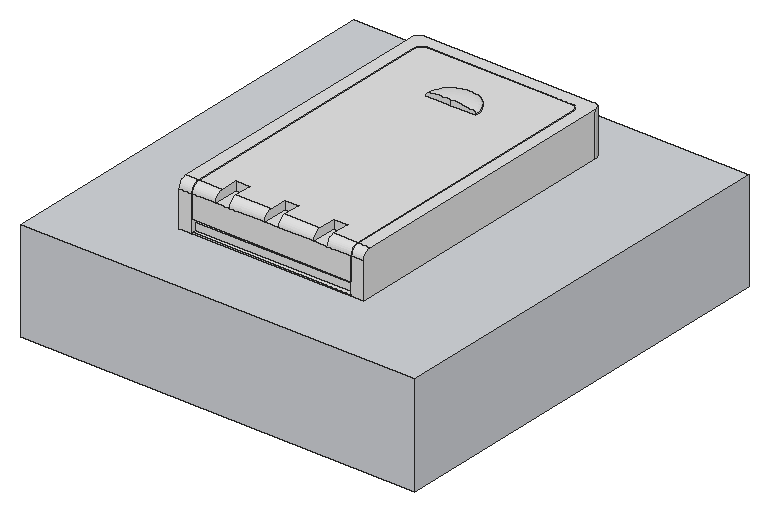
Revit family
Parameters (values of type "White Granite")
  seatangle [instance] = if(Fold Down, 90.00°, 0.00°)  # 0.00°
  dooradjustb [instance] = if(seatangle = 0.00°, 0' 1", 0' 3")  # 0' - 1"
  dooradjust [instance] = if(seatangle = 0.00°, 0' 4 1/4", 0' 2")  # 0' - 4 1/4"
  Warranty Duration (Years) = 0
  Unit Width = 1' - 10"
  Unit Height = 2' - 11 1/2"
  Unit Depth = 0' - 5 1/4"
  URL = "http://www.bobrick.com/Pages/default.aspx"
  Test Data = ""
  Standards Conformance = "Made in U.S.A."
  Specification = ""
  SpecWizard = ""
  Send Message = "http://www.arcat.com/users.pl?action=UserEmail&company=Bobrick+Washroom+Equipment,+Inc.&coid=30988&rep=156&fax=818-503-1930&mf="
  Sales Information = "http://www.bobrick.com/Pages/ContactUs.aspx"
  Revision = "R1_10_2012"
  Region Restriction = "None"
  Recycled Content = "46%"
  Product Properties = ""
  Product Data = "http://arcat.com/arcatcos/cos30/arc30988.html?isac=1&r=1"
  Mounting Height [instance] = 5' - 2 1/2"
  Model = "KB101-05"
  Manufacturer Website = "http://www.bobrick.com/Pages/default.aspx"
  Manufacturer Phone - Toll Free = ""
  Manufacturer Phone = "818-764-1000"
  Manufacturer Fax = "818-503-1930"
  Manufacturer Address = "11611 Hart St. North Hollywood, CA 91605-5882"
  Manufacturer = "Bobrick Washroom Equipment, Inc."
  Maintenance Schedule (Months) = 0
  Keynote = "102813"
  Installation-Fabrication = "http://www.bobrick.com/washroomaccessories/Pages/WashroomAccessories.aspx"
  Installation Phase = ""
  Green Building-LEED = ""
  Fold Up [instance] = not(Fold Down)  # yes
  Fold Down [instance] = no
  Finish Material = Plastic - Bobrick - White Granite
  Expected Lifespan (Years) = 0
  Drawn By = "Sumex Design, Inc. / Robert S. Weygant, CSI, CDT, SCIP"
  Description = "Bobrick Vertical Baby Changing Station - Koala Kare KB101-05"
  Default Elevation = 0' - 0"
  Copyright = "©Arcat Inc."
  Construction Details = ""
  Capacity = "60 lbs  ;  20 - 25 liners"
  Building Codes = ""
  Assembly Code = "E1090900"
Types (3): name | Model | Finish Material | Description
  White Granite | "KB101-05" | Plastic - Bobrick - White Granite | "Bobrick Vertical Baby Changing Station - Koala Kare KB101-05"
  Grey | "KB101-01" | Plastic - Bobrick - Grey | "Bobrick Vertical Baby Changing Station - Koala Kare KB101-01"
  Cream | "KB101-00" | Plastic - Bobrick - Cream | "Bobrick Vertical Baby Changing Station - Koala Kare KB101-00"
Reference planes (in)
  plane 1 "x": y = 0.84457
  plane 2: z = 0
  plane 3 "Center (Left/Right)": x = 0
  plane 4: y = 18.59457
  plane 5: y = -16.90543
  plane 6: x = -11
  plane 7: x = 11
  plane 8: z = 1.5
  plane 9: z = 0
  plane 10: z = 5.25
  plane 11 "FF": y = -43.90543
  plane 12: z = 4.25
  plane 13: y = -15.90543
Forms (in)
  Extrusion 1, solid
    sketch origin (0, 0, 0) x (1, 0, 0) y (0, 1, 0)
      loop
        line (-23, 24.17835) -> (-23, -25.601) -> (23.9838, -25.601) -> (23.9838, 24.17835) -> (-23, 24.17835)
    from 0 to -12
  Extrusion 2, solid, material "Plastic - Bobrick - White Granite" <- "Finish Material"
    sketch origin (0, 0, 0) x (1, 0, 0) y (0, 1, 0)
      loop
        arc (-10, 18.59457) -> (-10.70711, 18.30168) -> (-11, 17.59457) r 1
        line (-11, 17.59457) -> (-11, -16.90543) -> (-9.5, -16.90543) -> (-9.5, 16.09457)
        arc (-9.5, 16.09457) -> (-9.20711, 16.80168) -> (-8.5, 17.09457) r 1
        line (-8.5, 17.09457) -> (8.5, 17.09457)
        arc (8.5, 17.09457) -> (9.20711, 16.80168) -> (9.5, 16.09457) r 1
        line (9.5, 16.09457) -> (9.5, -16.90543) -> (11, -16.90543) -> (11, 17.59457)
        arc (11, 17.59457) -> (10.70711, 18.30168) -> (10, 18.59457) r 1
        line (10, 18.59457) -> (-10, 18.59457)
    from 0 to 5.25
  Extrusion 3, solid, material "Plastic - Bobrick - White Granite" <- "Finish Material"
    sketch origin (-15.17702, -180, 0) x (-1, 0, 0) y (0, -1, 0)
      loop
        line (-5.67702, -197.09457) -> (-5.67702, -163.09457) -> (-24.67702, -163.09457) -> (-24.67702, -197.09457) -> (-5.67702, -197.09457)
    from 0.125 to 0
  Extrusion 4, solid, material "Plastic - Bobrick - White Granite" <- "Finish Material"
    sketch origin (0, -15.90543, 4.25) x (0, 1, 0) y (0, 0, 1)
      loop
        line (0, -0.25) -> (33, -0.25) -> (33, 1) -> (0, 1)
        arc (0, 1) -> (-0.70711, 0.70711) -> (-1, 0) r 1
        line (-1, 0) -> (-1, -2.75) -> (0, -2.75) -> (0, -0.25)
    from -9.5 to 9.5
  Extrusion 5, solid, material "Plastic - Bobrick - White Granite" <- "Finish Material"
    sketch origin (0, -15.90543, 3.25) x (0, 1, 0) y (0, 0, 1)
      loop
        line (0, -3) -> (32.30443, -3) -> (32.30443, 0) -> (33, 0) -> (33, 0.75) -> (0, 0.75) -> (0, -3)
    from -9.5 to 9.5
  Extrusion 6, solid, material "Plastic - Bobrick - White Granite" <- "Finish Material"
    sketch origin (0, -15.90543, 4.25) x (0, 1, 0) y (0, 0, 1)
      loop
        line (2.5, -2) -> (16.437, -2) -> (16.437, -0.75) -> (2.5, -0.75) -> (2.5, -2)
    from 8.75 to 7.743
  Extrusion 7, solid, material "Plastic - Bobrick - White Granite" <- "Finish Material"
    sketch origin (0, -15.90543, 4.25) x (0, 1, 0) y (0, 0, -1)
      loop
        line (2.5, 2) -> (2.5, 0.75) -> (16.437, 0.75) -> (16.437, 2) -> (2.5, 2)
    from 7.70823 to 8.61153
  Extrusion 8, solid, material "Plastic - Bobrick - White Granite" <- "Finish Material"
    sketch origin (0, 0, 0) x (0, 1, 0) y (0, 0, 1)
      loop
        arc (-9.34426, 2.7591) -> (-9.55478, 2.85283) -> (-9.69665, 2.67123) r 0.18715
        line (-9.69665, 2.67123) -> (-9.69665, 0.965) -> (-16.40543, 0.965) -> (-16.40543, 0.125) -> (17.09457, 0.125) -> (17.09457, 0.25) -> (-8.01015, 0.25) -> (-9.34426, 2.7591)
    from -10.25 to 10.25
  Extrusion 9, solid, material "Plastic - Bobrick - White Granite" <- "Finish Material"
    sketch origin (0, 5.875, 0) x (0, 1, 0) y (0, 0, 1)
      loop
        line (-3.78043, 2.5) -> (-3.78043, 0.25) -> (5.50571, 0.25) -> (4.45652, 2.5) -> (-3.78043, 2.5)
    from 4 to -3
  Extrusion 10, void
    sketch origin (0, 17.09457, 5.25) x (0, -1, 0) y (1, 0, 0)
      loop
        line (0, -9.5) -> (1, -9.5)
        arc (1, -9.5) -> (0.29289, -9.20711) -> (0, -8.5) r 1
        line (0, -8.5) -> (0, -9.5)
    from 0 to -6
  Extrusion 11, void
    sketch origin (0, 17.09457, 5.25) x (0, -1, 0) y (1, 0, 0)
      loop
        line (0, 9.5) -> (0, 8.5)
        arc (0, 8.5) -> (0.29289, 9.20711) -> (1, 9.5) r 1
        line (1, 9.5) -> (0, 9.5)
    from 0 to -6
  Revolve 12, solid, material "Plastic - Bobrick - White Granite" <- "Finish Material"
    sketch origin (0, -6.03043, 4.25) x (0, 1, 0) y (0, 0, 1)
      loop
        line (15.88193, 1) -> (18.87564, 1) -> (18.87564, 1.125)
        spline (18.87564, 1.125) -> (18.84851, 1.19847) -> (18.7677, 1.27034) -> (18.63496, 1.33905) -> (18.45318, 1.40312) -> (18.22631, 1.46116) -> (17.95926, 1.51189) -> (17.65784, 1.55423) -> (17.32859, 1.58725) -> (16.97865, 1.61024) -> (16.61562, 1.62269) -> (16.24739, 1.62434) -> (15.88193, 1.61515)
        line (15.88193, 1.61515) -> (15.88193, 1)
      axis (15.88193, 1) -> (15.88193, 1.61515)
    angle from 90 to -90
  Extrusion 13, void
    sketch origin (0, 16.399, 3.25) x (0, 0, -1) y (-1, 0, 0)
      loop
        line (3, -8.75) -> (3, 10.25)
        arc (3, 10.25) -> (0.58705, 0.75) -> (3, -8.75) r 19.90768
    from 0 to -32.50105
  Extrusion 14, solid, material "Plastic - Bobrick - White Granite" <- "Finish Material"
    sketch origin (0, 0, 0) x (0, 1, 0) y (0, 0, 1)
      loop
        line (4.07159, 2.25) -> (-4.65543, 2.25) -> (-4.65543, 0.25) -> (5.1635, 0.25) -> (4.07159, 2.25)
    from 4 to 8.11172
  Extrusion 15, void
    sketch origin (0, 0, 0) x (0, 1, 0) y (0, 0, 1)
      loop
        line (-16.90543, 5.25) -> (-16.90543, 4.25)
        arc (-16.90543, 4.25) -> (-16.61254, 4.95711) -> (-15.90543, 5.25) r 1
        line (-15.90543, 5.25) -> (-16.90543, 5.25)
    from -11 to 11
  Extrusion 16, void
    sketch origin (0, -15.90543, 4.25) x (0, 0, -1) y (0, -1, 0)
      loop
        line (0, 1) -> (-1, 1) -> (-1, -2) -> (0, -2) -> (0, 1)
    from 5.00278 to 6.64983
  Extrusion 17, void
    sketch origin (0, -15.90543, 4.25) x (0, 0, -1) y (0, 1, 0)
      loop
        line (0, -1) -> (0, 2) -> (-1, 2) -> (-1, -1) -> (0, -1)
    from 5.00278 to 6.64983
  Extrusion 18, void
    sketch origin (0, -15.90543, 4.25) x (0, 0, -1) y (0, 1, 0)
      loop
        line (0, -1) -> (0, 2) -> (-1, 2) -> (-1, -1) -> (0, -1)
    from -0.81298 to 0.81346
Cuts and joins
  Extrusion 10, Extrusion 11, Extrusion 13 cuts Extrusion 5
  joined: Extrusion 5, Extrusion 6, Extrusion 7
  joined: Extrusion 8, Extrusion 9
  Extrusion 10, Extrusion 11, Extrusion 15, Extrusion 16, Extrusion 17, Extrusion 18 cuts Extrusion 4
  Extrusion 15, Extrusion 16, Extrusion 17, Extrusion 18 cuts Extrusion 2
Lines and regions (in)
  symbolic lines, style "SpecialityEquipmentHiddenLines"
    curve 1: line (-9, 16.59457, 0) -> (0, -16.90543, 0)
    curve 2: line (0, -16.90543, 0) -> (9, 16.59457, 0)
  reference lines
    curve 3: line (0, -15.90543, 4.25) -> (0, -11.90543, 4.25)
    curve 4: line (0, -15.90543, 4.25) -> (0, -15.90543, 8.75)
Dimensions and locks (in)
  equal spacing: plane 4, plane 1 "x", plane 5
  "Unit Height": plane 4 to plane 5
  equal spacing: plane 6, plane 3 "Center (Left/Right)", plane 7
  "Unit Width": plane 6 to plane 7
  locked: level to plane 9
  "Unit Depth": plane 9 to plane 10
  "dooradjustb": plane 5 to plane 13
  "dooradjust": plane 12 to plane 9
  Extrusion 9 sketch curve to Extrusion 9 sketch curve to plane 9 = 0' - 2 1/4" locked, 0' - 0 1/4" locked
  plane 5 to Extrusion 8 sketch curve to Extrusion 8 sketch curve to Extrusion 8 sketch curve to Extrusion 8 sketch curve = 0' - 0 1/2" locked, 0' - 6.70878" locked, 0' - 0.18715" locked, 0' - 1.49936" locked
  Extrusion 8 sketch curve to Extrusion 8 sketch curve to plane 9 = 0' - 1.70623" locked, 0' - 0.965" locked
  Extrusion 8 sketch curve to Extrusion 8 sketch curve to plane 9 = 0' - 0 1/8" locked, 0' - 0 1/8" locked
  "Mounting Height": plane 4 to plane 11 "FF"
  locked: Extrusion 3 sketch curve to plane 5 at 0
  locked: plane 10 to Extrusion 15 sketch curve at 1
  locked: plane 5 to Extrusion 15 sketch curve at 1
  plane 5 to Extrusion 14 sketch curve to Extrusion 14 sketch curve to Extrusion 14 sketch curve = 1' - 0 1/4" locked, 0' - 8.72702" locked, 0' - 1.09191" locked
  "seatangle": angle plane 12 to curve 3
  aligned and locked: plane 2 to Extrusion 1
  aligned and locked: level to Extrusion 1
  aligned and locked: curve 3 to plane 13
  aligned and locked: plane 12 to curve 3
Automatic sketch dimensions
  curve 2 to plane 3 "Center (Left/Right)" = 0' - 0"
  curve 1 to plane 5 = 0' - 0"
  plane 6 to curve 1 = 0' - 2"
  curve 2 to plane 7 = 0' - 2"
  curve 2 to plane 4 = 0' - 2"
  curve 1 to plane 4 = 0' - 2"
  Extrusion 1 sketch curve to Extrusion 1 sketch curve = 3' - 10.9838"
  Extrusion 1 sketch curve to Extrusion 1 sketch curve = 4' - 1.77934"
  Extrusion 2 sketch curve to plane 6 = 0' - 0"
  Extrusion 2 sketch curve to plane 4 = 0' - 0"
  Extrusion 2 sketch curve to plane 5 = 0' - 0"  (x2)
  Extrusion 2 sketch curve to plane 7 = 0' - 0"
  Extrusion 2 sketch curve to Extrusion 2 sketch curve = 0' - 1"  (x3)
  Extrusion 2 sketch curve to Extrusion 2 sketch curve = 0' - 1 1/2"  (x2)
  Extrusion 2 sketch curve to plane 7 = 0' - 2 1/2"
  Extrusion 2 sketch curve to plane 4 = 0' - 1"
  Extrusion 3 sketch curve to plane 7 = 0' - 1 1/2"
  plane 6 to Extrusion 3 sketch curve = 0' - 1 1/2"
  Extrusion 3 sketch curve to plane 4 = 0' - 1 1/2"
  Extrusion 4 sketch curve to curve 3 = 0' - 0"  (x3)
  Extrusion 4 sketch curve to curve 3 = 0' - 2 3/4"
  Extrusion 4 sketch curve to curve 3 = 0' - 0 1/4"
  curve 3 to Extrusion 4 sketch curve = 0' - 1"
  curve 3 to Extrusion 4 sketch curve = 2' - 5"
  Extrusion 5 sketch curve to curve 3 = 0' - 0"
  Extrusion 5 sketch curve to curve 3 = 0' - 4"
  Extrusion 5 sketch curve to curve 3 = 0' - 0 1/4"
  curve 3 to Extrusion 5 sketch curve = 2' - 4.30443"
  Extrusion 5 sketch curve to Extrusion 5 sketch curve = 0' - 0.69557"
  Extrusion 5 sketch curve to Extrusion 5 sketch curve = 0' - 0 3/4"
  Extrusion 6 sketch curve to curve 3 = 0' - 1 1/2"
  curve 3 to Extrusion 6 sketch curve = 0' - 0 3/4"
  curve 3 to Extrusion 6 sketch curve = 1' - 0.437"
  Extrusion 6 sketch curve to Extrusion 6 sketch curve = 0' - 1 1/4"
  Extrusion 7 sketch curve to curve 3 = 0' - 1 1/2"
  Extrusion 7 sketch curve to curve 3 = 0' - 0 3/4"
  curve 3 to Extrusion 7 sketch curve = 1' - 0.437"
  Extrusion 7 sketch curve to Extrusion 7 sketch curve = 0' - 1 1/4"
  plane 8 to Extrusion 8 sketch curve = 0' - 1.2591"
  Extrusion 8 sketch curve to plane 4 = 0' - 1 1/2"
  Extrusion 9 sketch curve to plane 1 "x" = 0' - 1 1/4"
  Extrusion 9 sketch curve to Extrusion 9 sketch curve = 0' - 8.23695"
  Extrusion 9 sketch curve to Extrusion 9 sketch curve = 0' - 1.04919"
  Extrusion 4 to Extrusion 10 sketch curve = 0' - 0"
  Extrusion 10 sketch curve to Extrusion 4 = 0' - 0"
  Extrusion 4 to Extrusion 10 sketch curve = 0' - 1"
  Extrusion 4 to Extrusion 11 sketch curve = 0' - 0"
  Extrusion 11 sketch curve to Extrusion 4 = 0' - 0"
  Extrusion 11 sketch curve to Extrusion 11 sketch curve = 0' - 1"
  Extrusion 13 sketch curve to Extrusion 5 = 0' - 0"
  Extrusion 5 to Extrusion 13 sketch curve = 1' - 5.49474"
  Extrusion 5 to Extrusion 13 sketch curve = 0' - 0 3/4"
  Extrusion 5 to Extrusion 13 sketch curve = 0' - 8 3/4"
  level to Extrusion 14 sketch curve = 0' - 0 1/4"
  plane 8 to Extrusion 14 sketch curve = 0' - 0 3/4"
  Extrusion 15 sketch curve to plane 5 = 0' - 0"
  curve 4 to curve 3 = 0' - 0"  (x2)
  curve 3 to curve 4 = 0' - 4 1/2"
  Extrusion 16 sketch curve to curve 4 = 0' - 0"
  Extrusion 16 sketch curve to curve 4 = 0' - 2"
  curve 4 to Extrusion 16 sketch curve = 0' - 1"
  Extrusion 16 sketch curve to Extrusion 16 sketch curve = 0' - 1"
  curve 4 to Extrusion 17 sketch curve = 0' - 0"
  Extrusion 17 sketch curve to curve 4 = 0' - 1"
  curve 4 to Extrusion 17 sketch curve = 0' - 2"
  Extrusion 17 sketch curve to Extrusion 17 sketch curve = 0' - 1"
  curve 4 to Extrusion 18 sketch curve = 0' - 0"
  Extrusion 18 sketch curve to curve 4 = 0' - 1"
  curve 4 to Extrusion 18 sketch curve = 0' - 2"
  Extrusion 18 sketch curve to Extrusion 18 sketch curve = 0' - 1"
  Revolve 12 sketch curve to curve 3 = 0' - 1"
  curve 3 to Revolve 12 sketch curve = 1' - 9.75693"
  Revolve 12 sketch curve to Revolve 12 sketch curve = 0' - 0"  (x3)
  Revolve 12 sketch curve to Revolve 12 sketch curve = 0' - 0.49371"
  Revolve 12 sketch curve to Revolve 12 sketch curve = 0' - 2 1/2"
  Revolve 12 sketch curve to Revolve 12 sketch curve = 0' - 0 1/8"
  Revolve 12 sketch curve to Revolve 12 sketch curve = 0' - 0.61515"
